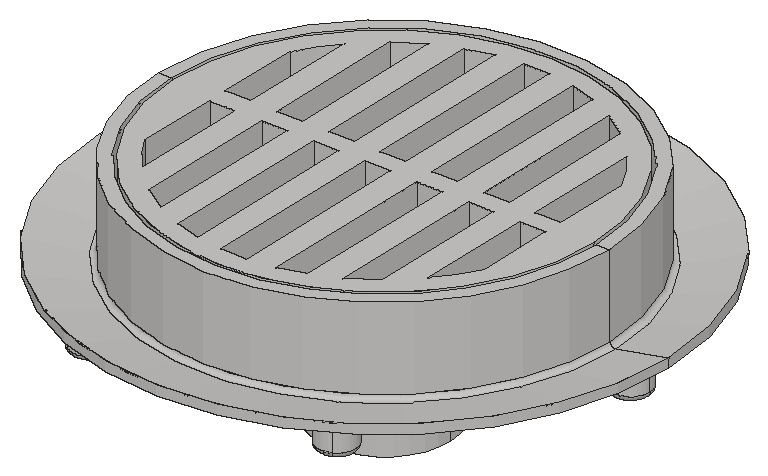
Revit family "Drain_Floor_12-Inch-Round_Zurn-Z1736_Extra-Heavy-Duty", category Plumbing Fixtures, Revit 2022
Family settings
  Round Connector Dimension = Use Radius
  Part Type = Normal
  OmniClass Number = 23.45.55.21
  OmniClass Title = Drains (Wastes)
  Work Plane-Based = No
  Always vertical = Yes
  Cut with Voids When Loaded = No
  Maintain Annotation Orientation = No
  Shared = No
  Room Calculation Point = No
Parameters (values of type "Load Family Type Catalog")
  Vent Connection = 1 = 0  # no
  HW Connection = 1 = 0  # no
  Grate Open Area (Sq. In.) = 34.000"
  CW Connection = 1 = 0  # no
  Waste Connection = 1 = 1  # yes
  WFU = 0  # constant formula
  URL = "www.zurn.com"
  Type Comments = "Z1736 - 3 Inch Butt-Weld Outlet"
  Product data url = "https://www.bimobject.com/en-us/zurnindustries/product/zurn-z1736"
  Product Page URL = "https://www.zurn.com/products/drainage-interceptors/floor-drains/area-drains/z1736"
  Product Documentation Link = "https://files.zurn.com/spec-sheets/z1736.pdf"
  Pipe Size 'A' (Outer Diameter) = 3.500"
  Pipe Size 'A' (Nominal Radius) = [Pipe Size 'A' (Nominal Diameter)] / 2  # 1.500"
  Pipe Size 'A' (Nominal Diameter) = 3.000"
  Pipe Size 'A' (Inner Radius) = [Pipe Size 'A' (Inner Diameter)] / 2  # 1.5345"
  Pipe Size 'A' (Outer Radius) = [Pipe Size 'A' (Outer Diameter)] / 2  # 1.750"
  Pipe Size 'A' (Inner Diameter) = 3.069"
  Modified Date = "11/14/25"  # constant formula
  Model = "Z1736"
  Manufacurer Brand = "Zurn"  # constant formula
  Manufacturer = "Zurn Water, LLC"  # constant formula
  Main Material = Steel - Zurn - Stainless - Type - 304
  HWFU = 0  # constant formula
  Description = "12 INCH DIAMETER EXTRA HEAVY-DUTY FLOOR DRAIN"  # constant formula
  Default Elevation = 20.000"
  Date Created = "04/30/18"  # constant formula
  CWFU = 0  # constant formula
  Body HT Dim 'E' = 6.000"
  Assembly Code = "D2030300"
  Approx. Weight (Lbs) = 61.000"
Reference planes (in)
  plane 1 "Center (Front/Back)": y = 0
  plane 2: z = 0
  plane 3 "Center (Left/Right)": x = 0
  plane 4 "Outlet": z = -6
  plane 5: x = 1.5
  plane 6: x = -1.5
  plane 7: y = 1.5
  plane 8: y = -1.5
  plane 9: x = 7.5
  plane 10: x = -7.5
  plane 11: x = -5.938
  plane 12: x = 5.938
  plane 13: z = -2
  plane 14: x = 6.5
Forms (in)
  Revolve 1, solid, material "Steel - Zurn - Stainless - Type - 304" <- "Main Material", detail levels fine
    sketch origin (0, 0, 0) x (1, 0, 0) y (0, 0, 1)
      loop
        line (5.938, 0) -> (5.60521, 0) -> (5.5353, -2.66994) -> (4.05352, -3.74652)
        arc (4.05352, -3.74652) -> (3.77475, -3.88856) -> (3.46573, -3.9375) r 1
        line (3.46573, -3.9375) -> (1.5345, -3.9375) -> (1.5345, -6) -> (1.75, -6) -> (1.75, -4.22054) -> (3.42026, -4.22054)
        arc (3.42026, -4.22054) -> (3.80653, -4.15936) -> (4.15499, -3.98181) r 1.25
        line (4.15499, -3.98181) -> (6.11955, -2.55447)
        arc (6.11955, -2.55447) -> (6.14218, -2.54141) -> (6.16704, -2.53333) r 0.125
        line (6.16704, -2.53333) -> (7.5, -2.25) -> (7.5, -2) -> (6.08932, -2.29985)
        arc (6.08932, -2.29985) -> (5.98444, -2.27467) -> (5.938, -2.17731) r 0.12528
        line (5.938, -2.17731) -> (5.938, 0)
      axis (0, -6) -> (0, 0)
    angle from 0 to 360
  Revolve 2, solid, material "Steel - Zurn - Stainless - Type - 304" <- "Main Material", detail levels fine
    sketch origin (0, 0, 0) x (1, 0, 0) y (0, 0, 1)
      loop
        line (6.5, -3.125) -> (6.875, -3.125)
        arc (6.875, -3.125) -> (6.96339, -3.08839) -> (7, -3) r 0.125
        line (7, -3) -> (7, -2.35) -> (6.5, -2.35) -> (6.5, -3.125)
      axis (6.5, -2.35) -> (6.5, -3.125)
    angle from 0 to 360
  Revolve 3, solid, material "Steel - Zurn - Stainless - Type - 304" <- "Main Material", detail levels fine
    sketch origin (0, 0, 0) x (0.5, -0.866025, 0) y (0, 0, 1)
      loop
        line (6.5, -3.125) -> (6.875, -3.125)
        arc (6.875, -3.125) -> (6.96339, -3.08839) -> (7, -3) r 0.125
        line (7, -3) -> (7, -2.35) -> (6.5, -2.35) -> (6.5, -3.125)
      axis (6.5, -2.35) -> (6.5, -3.125)
    angle from 0 to 360
  Revolve 4, solid, material "Steel - Zurn - Stainless - Type - 304" <- "Main Material", detail levels fine
    sketch origin (0, 0, 0) x (0.5, 0.866025, 0) y (0, 0, 1)
      loop
        line (6.5, -3.125) -> (6.875, -3.125)
        arc (6.875, -3.125) -> (6.96339, -3.08839) -> (7, -3) r 0.125
        line (7, -3) -> (7, -2.35) -> (6.5, -2.35) -> (6.5, -3.125)
      axis (6.5, -2.35) -> (6.5, -3.125)
    angle from 0 to 360
  Revolve 5, solid, material "Steel - Zurn - Stainless - Type - 304" <- "Main Material", detail levels fine
    sketch origin (0, 0, 0) x (-0.5, 0.866025, 0) y (0, 0, 1)
      loop
        line (6.5, -3.125) -> (6.875, -3.125)
        arc (6.875, -3.125) -> (6.96339, -3.08839) -> (7, -3) r 0.125
        line (7, -3) -> (7, -2.35) -> (6.5, -2.35) -> (6.5, -3.125)
      axis (6.5, -2.35) -> (6.5, -3.125)
    angle from 0 to 360
  Revolve 6, solid, material "Steel - Zurn - Stainless - Type - 304" <- "Main Material", detail levels fine
    sketch origin (0, 0, 0) x (-1, 0, 0) y (0, 0, 1)
      loop
        line (6.5, -3.125) -> (6.875, -3.125)
        arc (6.875, -3.125) -> (6.96339, -3.08839) -> (7, -3) r 0.125
        line (7, -3) -> (7, -2.35) -> (6.5, -2.35) -> (6.5, -3.125)
      axis (6.5, -2.35) -> (6.5, -3.125)
    angle from 0 to 360
  Revolve 7, solid, material "Steel - Zurn - Stainless - Type - 304" <- "Main Material", detail levels fine
    sketch origin (0, 0, 0) x (-0.5, -0.866025, 0) y (0, 0, 1)
      loop
        line (6.5, -3.125) -> (6.875, -3.125)
        arc (6.875, -3.125) -> (6.96339, -3.08839) -> (7, -3) r 0.125
        line (7, -3) -> (7, -2.35) -> (6.5, -2.35) -> (6.5, -3.125)
      axis (6.5, -2.35) -> (6.5, -3.125)
    angle from 0 to 360
Lines and regions (in)
  Masking region 1, detail levels fine
    outline origin (65.34541, 0, -6) x (1, 0, 0) y (0, 1, 0)
      loop
        circle (-65.34541, 0) r 5.938
  model lines, detail levels coarse+medium
    curve 1: circle (0, 0, 0) r 5.938 normal (0, 0, 1)
    curve 2: circle (0, 0, 0) r 5.5125 normal (0, 0, 1)
    curve 3: line (-4.05239, -3.73709, 0) -> (-4.05239, 3.73709, 0)
    curve 4: line (-2.6905, -4.81133, 0) -> (-2.6905, 4.81133, 0)
    curve 5: line (-1.32862, -5.34999, 0) -> (-1.32862, 5.34999, 0)
    curve 6: line (0.03326, -5.5124, 0) -> (0.03326, 5.5124, 0)
    curve 7: line (1.39515, -5.33303, 0) -> (1.39515, 5.33303, 0)
    curve 8: line (2.75703, -4.77352, 0) -> (2.75703, 4.77352, 0)
    curve 9: line (4.11891, -3.66363, 0) -> (4.11891, 3.66363, 0)
    curve 10: line (-1.5, 0, -6) -> (1.5, 0, -6)
    curve 11: line (0, 1.5, -6) -> (0, -1.5, -6)
  model lines
    curve 12: line (0, 0, 0) -> (0, 0, -6)
Dimensions and locks (in)
  "Body HT Dim 'E'": plane 4 "Outlet" to level
  "Pipe Size 'A' (Nominal Radius)": plane 6 to plane 3 "Center (Left/Right)" to plane 5
  "Pipe Size 'A' (Nominal Radius)": plane 8 to plane 1 "Center (Front/Back)" to plane 7
  equal spacing: plane 9, plane 3 "Center (Left/Right)", plane 10, locked at 7.5 each
  locked: plane 9 to plane 10 at 15
  locked: Revolve 1 sketch curve to plane 3 "Center (Left/Right)" at 5.60521
  locked: Revolve 1 sketch curve to Revolve 1 sketch curve at 0.25  (x2)
  locked: Revolve 1 sketch curve to level at 2
  locked: Revolve 1 sketch curve to level at 3.9375
  "Pipe Size 'A' (Inner Radius)": Revolve 1 sketch curve to plane 3 "Center (Left/Right)"
  "Pipe Size 'A' (Outer Radius)": Revolve 1 sketch curve to plane 3 "Center (Left/Right)"
  locked: Revolve 1 sketch curve to level at 2.66994
  locked: plane 14 to plane 3 "Center (Left/Right)" at 6.5
  locked: Revolve 2 sketch curve to Revolve 2 sketch curve at 0.5
  locked: Revolve 3 sketch curve to Revolve 3 sketch curve at 0.5
  locked: Revolve 4 sketch curve to Revolve 4 sketch curve at 0.5
  locked: Revolve 5 sketch curve to Revolve 5 sketch curve at 0.5
  locked: Revolve 6 sketch curve to Revolve 6 sketch curve at 0.5
  locked: Revolve 7 sketch curve to Revolve 7 sketch curve at 0.5
  equal spacing: curve 3, curve 4, curve 5, curve 6, curve 7, curve 8, curve 9, locked at 1.36188 each
  locked: curve 3 to plane 3 "Center (Left/Right)" at 4.05239
  radius of Revolve 1 sketch curve = 1.000"
  radius of Revolve 1 sketch curve = 1.250"
  locked: plane 12 to Revolve 1 sketch curve (angle 1.50°)
  locked: Revolve 1 sketch curve to level (angle 12.00°)  (x2)
  locked: plane 3 "Center (Left/Right)" to Revolve 1 sketch curve (angle 54.00°)
  aligned and locked: plane 2 to level
  aligned and locked: plane 12 to Revolve 1 sketch curve
  aligned and locked: Revolve 1 sketch curve to plane 2
  aligned and locked: plane 9 to Revolve 1 sketch curve
  aligned and locked: Revolve 1 sketch curve to plane 4 "Outlet"
  aligned and locked: Revolve 1 sketch curve to plane 3 "Center (Left/Right)"
  aligned and locked: plane 3 "Center (Left/Right)" to nested 1
  aligned and locked: plane 1 "Center (Front/Back)" to nested 1
  aligned and locked: level to nested 1
  aligned and locked: curve 1 to Revolve 1
  aligned and locked: curve 2 to nested 1
  aligned and locked: plane 6 to curve 10
  aligned and locked: plane 5 to curve 10
  aligned and locked: plane 1 "Center (Front/Back)" to curve 10
  aligned and locked: plane 7 to curve 11
  aligned and locked: plane 8 to curve 11
  aligned and locked: curve 11 to plane 3 "Center (Left/Right)"
  aligned and locked: level to curve 12
  aligned and locked: plane 4 "Outlet" to curve 12
  aligned and locked: plane 3 "Center (Left/Right)" to curve 12
  aligned and locked: Masking region 1 sketch curve to Revolve 1
Automatic sketch dimensions
  Revolve 1 sketch curve to Revolve 1 sketch curve = 0.04547"
  Revolve 1 sketch curve to Revolve 1 sketch curve = 0.10148"
  plane 12 to Revolve 1 sketch curve = 0.12528"
  Revolve 1 sketch curve to Revolve 1 sketch curve = 0.04748"
  Revolve 1 sketch curve to Revolve 1 sketch curve = 0.07347"
  Revolve 1 sketch curve to Revolve 1 sketch curve = 0.10113"
  Revolve 1 sketch curve to plane 4 "Outlet" = 18.000"
  level to Revolve 1 sketch curve = 102.71882"
  Revolve 2 sketch curve to Revolve 2 sketch curve = 0.54819"
  Revolve 2 sketch curve to Revolve 2 sketch curve = 0.375"
  Revolve 2 sketch curve to Revolve 2 sketch curve = 0.500"
  Revolve 2 sketch curve to Revolve 2 sketch curve = 0.745"
  Revolve 3 sketch curve to Revolve 3 sketch curve = 0.54819"
  Revolve 3 sketch curve to Revolve 3 sketch curve = 0.375"
  Revolve 3 sketch curve to Revolve 3 sketch curve = 0.500"
  Revolve 3 sketch curve to Revolve 3 sketch curve = 0.745"
  Revolve 4 sketch curve to Revolve 4 sketch curve = 0.54819"
  Revolve 4 sketch curve to Revolve 4 sketch curve = 0.375"
  Revolve 4 sketch curve to Revolve 4 sketch curve = 0.500"
  Revolve 4 sketch curve to Revolve 4 sketch curve = 0.745"
  Revolve 5 sketch curve to Revolve 5 sketch curve = 0.54819"
  Revolve 5 sketch curve to Revolve 5 sketch curve = 0.375"
  Revolve 5 sketch curve to Revolve 5 sketch curve = 0.500"
  Revolve 5 sketch curve to Revolve 5 sketch curve = 0.745"
  Revolve 6 sketch curve to Revolve 6 sketch curve = 0.54819"
  Revolve 6 sketch curve to Revolve 6 sketch curve = 0.375"
  Revolve 6 sketch curve to Revolve 6 sketch curve = 0.500"
  Revolve 6 sketch curve to Revolve 6 sketch curve = 0.745"
  Revolve 7 sketch curve to Revolve 7 sketch curve = 0.54819"
  Revolve 7 sketch curve to Revolve 7 sketch curve = 0.375"
  Revolve 7 sketch curve to Revolve 7 sketch curve = 0.500"
  Revolve 7 sketch curve to Revolve 7 sketch curve = 0.745"
  curve 7 to curve 5 = 0.01696"
Nested families (in)
  nested 1: "Grate" at (0, 0, 0), Main Material <- "Main Material", type "Grate", detail levels fine
    with Main Material Steel - Zurn - Stainless - Type - 304
Connectors (in)
  piping at (0, 0, -6), diameter 3, driven by "Pipe Size 'A' (Nominal Radius)", driven by "Waste Connection", driven by "Waste Connection"
    settings: on Revolve 1, index 1, connector inside diameter 24", connector length 0.000", flow factor 0, pipe flow 0 GPM, pressure drop 0.00 psi, fitting loss kfactor 0, connector angle 0.00°, fixture units 0, engagement length 0.000", angle of deflection 0.00°, flow configuration 0, flow direction 2, fitting loss method 0, system type 16, joint type 0, gender type 0, connector reference index -1, connector utility 1, adjustable connector yes, is connector primary yes, connector description "Sanitary Outlet"
Definition of nested family "Grate"
  Parameters (values of type "Grate")
    WFU = 1  # constant formula
    URL = "www.zurn.com"
    Product data url = "https://www.bimobject.com/en-us/zurnindustries/product/zurn-z1735"
    Product Page URL = "https://www.zurn.com/products/drainage-interceptors/floor-drains/area-drains/z1735"
    Product Installation Sheet URL = ""
    Product Documentation Link = "https://files.zurn.com/spec-sheets/z1735.pdf"
    Model = "Z1735"  # constant formula
    Main Material [instance] = none
    HWFU = 0  # constant formula
    Grate Open Area(Sq.In) = 33.00 SF
    Description = "12 [305] DIAMETER FLOOR DRAIN"  # constant formula
    CWFU = 0  # constant formula
    Assembly Code = "D2030300"
    Modified Date = "11/03/2025"  # constant formula
    Manufacurer Brand = "Zurn"  # constant formula
    Manufacturer = "Zurn Water, LLC"  # constant formula
    Default Elevation = 0.000"
    Date Created = ""
    Approx. Weight (Lbs) = 50.000"
  Reference planes (in)
    plane 1 "Center (Front/Back)": y = 0
    plane 2: z = 0
    plane 3 "Center (Left/Right)": x = 0
    plane 4: x = -7.5
    plane 5: x = 7.5
    plane 6: x = -5.9375
    plane 7: x = 5.9375
    plane 8: x = 3.0325
    plane 9: x = -3.0325
    plane 10: z = -6
    plane 11: z = -2
    plane 12: z = -4.188
    plane 13: x = 3.3125
    plane 14: x = -3.3125
    plane 15: y = 3.3125
    plane 16: y = -3.3125
    plane 17: x = -5.0738
    plane 18: x = 5.14032
    plane 19: y = 5.9375
    plane 20: y = -5.9375
  Forms (in)
    Extrusion 1, solid, material <- "Main Material"
      sketch origin (-0.0611, 0, -0.125) x (1, 0, 0) y (0, 1, 0)
        loop
          circle (0.0611, 0) r 5.5125
      from 0.125 to -0.5
    Extrusion 2, void
      sketch origin (-0.28307, 0, 0) x (1, 0, 0) y (0, 1, 0)
        loop
          line (-0.02414, 0.25) -> (0.6568, 0.25) -> (0.6568, 4.98601)
          arc (0.6568, 4.98601) -> (0.31641, 4.99989) -> (-0.02414, 4.99055) r 5
          line (-0.02414, 4.99055) -> (-0.02414, 0.25)
        loop
          line (-1.38602, 0.25) -> (-0.70508, 0.25) -> (-0.70508, 4.90138)
          arc (-0.70508, 4.90138) -> (-1.04888, 4.81933) -> (-1.38602, 4.71319) r 5
          line (-1.38602, 4.71319) -> (-1.38602, 0.25)
        loop
          line (-2.7479, 0.25) -> (-2.06696, 0.25) -> (-2.06696, 4.41331)
          arc (-2.06696, 4.41331) -> (-2.41628, 4.20874) -> (-2.7479, 3.97658) r 5
          line (-2.7479, 3.97658) -> (-2.7479, 0.25)
        loop
          line (-4.10979, 0.25) -> (-3.42885, 0.25) -> (-3.42885, 3.34988)
          arc (-3.42885, 3.34988) -> (-3.79775, 2.8891) -> (-4.10979, 2.38805) r 5
          line (-4.10979, 2.38805) -> (-4.10979, 0.25)
        loop
          line (2.01869, 0.25) -> (2.01869, 4.6891)
          arc (2.01869, 4.6891) -> (1.68174, 4.80039) -> (1.33775, 4.8875) r 5
          line (1.33775, 4.8875) -> (1.33775, 0.25) -> (2.01869, 0.25)
        loop
          line (3.38057, 0.25) -> (3.38057, 3.92498)
          arc (3.38057, 3.92498) -> (3.04936, 4.16505) -> (2.69963, 4.37724) r 5
          line (2.69963, 4.37724) -> (2.69963, 0.25) -> (3.38057, 0.25)
        loop
          line (4.74245, 0.25) -> (4.74245, 2.26139)
          arc (4.74245, 2.26139) -> (4.43302, 2.78889) -> (4.06151, 3.27466) r 5
          line (4.06151, 3.27466) -> (4.06151, 0.25) -> (4.74245, 0.25)
        loop
          line (-0.02414, -0.25) -> (-0.02414, -4.99055)
          arc (-0.02414, -4.99055) -> (0.31641, -4.99989) -> (0.6568, -4.98601) r 5
          line (0.6568, -4.98601) -> (0.6568, -0.25) -> (-0.02414, -0.25)
        loop
          line (-1.38602, -0.25) -> (-1.38602, -4.71319)
          arc (-1.38602, -4.71319) -> (-1.04888, -4.81933) -> (-0.70508, -4.90138) r 5
          line (-0.70508, -4.90138) -> (-0.70508, -0.25) -> (-1.38602, -0.25)
        loop
          line (-2.7479, -0.25) -> (-2.7479, -3.97658)
          arc (-2.7479, -3.97658) -> (-2.41628, -4.20874) -> (-2.06696, -4.41331) r 5
          line (-2.06696, -4.41331) -> (-2.06696, -0.25) -> (-2.7479, -0.25)
        loop
          line (-4.10979, -0.25) -> (-4.10979, -2.38805)
          arc (-4.10979, -2.38805) -> (-3.79775, -2.8891) -> (-3.42885, -3.34988) r 5
          line (-3.42885, -3.34988) -> (-3.42885, -0.25) -> (-4.10979, -0.25)
        loop
          line (2.01869, -0.25) -> (1.33775, -0.25) -> (1.33775, -4.8875)
          arc (1.33775, -4.8875) -> (1.68174, -4.80039) -> (2.01869, -4.6891) r 5
          line (2.01869, -4.6891) -> (2.01869, -0.25)
        loop
          line (3.38057, -0.25) -> (2.69963, -0.25) -> (2.69963, -4.37724)
          arc (2.69963, -4.37724) -> (3.04936, -4.16505) -> (3.38057, -3.92498) r 5
          line (3.38057, -3.92498) -> (3.38057, -0.25)
        loop
          line (4.74245, -0.25) -> (4.06151, -0.25) -> (4.06151, -3.27466)
          arc (4.06151, -3.27466) -> (4.43302, -2.78889) -> (4.74245, -2.26139) r 5
          line (4.74245, -2.26139) -> (4.74245, -0.25)
      from -0.625 to 0
  Cuts and joins
    Extrusion 2 cuts Extrusion 1
  Dimensions and locks (in)
    equal spacing: plane 5, plane 3 "Center (Left/Right)", plane 4, locked at 7.5 each
    locked: plane 5 to plane 4 at 15
    equal spacing: plane 7, plane 3 "Center (Left/Right)", plane 6, locked at 5.9375 each
    locked: plane 7 to plane 6 at 11.875
    equal spacing: plane 8, plane 3 "Center (Left/Right)", plane 9
    locked: plane 8 to plane 9 at 6.065
    locked: level to plane 10 at 6
    locked: level to plane 11 at 2
    locked: level to plane 12 at 4.188
    equal spacing: plane 14, plane 3 "Center (Left/Right)", plane 13
    locked: plane 14 to plane 13 at 6.625
    locked: level to Extrusion 1 at 0.625
    locked: plane 1 "Center (Front/Back)" to Extrusion 2 sketch curve at 0.25  (x2)
    equal spacing: plane 15, plane 1 "Center (Front/Back)", plane 16
    locked: plane 15 to plane 16 at 6.625
    plane 17 to plane 3 "Center (Left/Right)" to plane 18 = 5.0738" locked, 5.14032" locked
    plane 17 to cut or joined group of Extrusion 1, Extrusion 2 to cut or joined group of Extrusion 1, Extrusion 2 to cut or joined group of Extrusion 1, Extrusion 2 to cut or joined group of Extrusion 1, Extrusion 2 to cut or joined group of Extrusion 1, Extrusion 2 to cut or joined group of Extrusion 1, Extrusion 2 to cut or joined group of Extrusion 1, Extrusion 2 to cut or joined group of Extrusion 1, Extrusion 2 to cut or joined group of Extrusion 1, Extrusion 2 to cut or joined group of Extrusion 1, Extrusion 2 to cut or joined group of Extrusion 1, Extrusion 2 to cut or joined group of Extrusion 1, Extrusion 2 to cut or joined group of Extrusion 1, Extrusion 2 to cut or joined group of Extrusion 1, Extrusion 2 to plane 18 = 0.68094" locked, 0.68094" locked, 0.68094" locked, 0.68094", 0.68094" locked, 0.68094" locked, 0.68094", 0.68094" locked, 0.68094" locked, 0.68094" locked, 0.68094" locked, 0.68094" locked, 0.68094" locked, 0.68094" locked, 0.68094" locked
    plane 6 to plane 7 = 11.875"
    equal spacing: plane 17, cut or joined group of Extrusion 1, Extrusion 2, cut or joined group of Extrusion 1, Extrusion 2, cut or joined group of Extrusion 1, Extrusion 2, cut or joined group of Extrusion 1, Extrusion 2, cut or joined group of Extrusion 1, Extrusion 2, cut or joined group of Extrusion 1, Extrusion 2, cut or joined group of Extrusion 1, Extrusion 2, cut or joined group of Extrusion 1, Extrusion 2, cut or joined group of Extrusion 1, Extrusion 2, cut or joined group of Extrusion 1, Extrusion 2, cut or joined group of Extrusion 1, Extrusion 2, cut or joined group of Extrusion 1, Extrusion 2, cut or joined group of Extrusion 1, Extrusion 2, cut or joined group of Extrusion 1, Extrusion 2, plane 18
    plane 19 to plane 1 "Center (Front/Back)" to plane 20 = 5.9375" locked, 5.9375" locked
    plane 19 to plane 20 = 11.875"
    diameter of Extrusion 1 sketch curve = 11.025"
    radius of Extrusion 2 sketch curve = 5.000"  (x14)
    aligned and locked: plane 2 to level
    aligned and locked: plane 1 "Center (Front/Back)" to Extrusion 1 sketch curve
    aligned and locked: level to Extrusion 1
    aligned and locked: plane 3 "Center (Left/Right)" to Extrusion 1 sketch curve
    aligned and locked: plane 3 "Center (Left/Right)" to Extrusion 2 sketch curve  (x3)
    aligned and locked: Extrusion 2 sketch curve to Extrusion 2 sketch curve  (x11)
    aligned and locked: Extrusion 1 to Extrusion 2
    aligned and locked: level to Extrusion 2
    aligned and locked: plane 1 "Center (Front/Back)" to Extrusion 2 sketch curve  (x12)
  Automatic sketch dimensions
    Extrusion 2 sketch curve to plane 3 "Center (Left/Right)" = 0.30721"
    Extrusion 2 sketch curve to Extrusion 2 sketch curve = 0.68094"  (x6)
    Extrusion 2 sketch curve to Extrusion 2 sketch curve = 0.000"  (x22)
    plane 9 to Extrusion 2 sketch curve = 0.00153"  (x2)
    plane 16 to Extrusion 2 sketch curve = 0.03738"
    plane 3 "Center (Left/Right)" to Extrusion 2 sketch curve = 0.37373"  (x2)
    Extrusion 2 sketch curve to plane 1 "Center (Front/Back)" = 0.250"
    plane 8 to Extrusion 2 sketch curve = 0.065"  (x2)
    plane 9 to Extrusion 2 sketch curve = 0.68247"
    Extrusion 2 sketch curve to plane 8 = 0.61594"
    plane 15 to Extrusion 2 sketch curve = 0.03784"
    Extrusion 2 sketch curve to plane 18 = 0.68094"
    Extrusion 2 sketch curve to Extrusion 2 sketch curve = 0.09851"
Types in the file's own list only (12): name | Grate Open Area (Sq. In.) | Type Comments | Pipe Size 'A' (Outer Diameter) | Pipe Size 'A' (Nominal Radius) | Pipe Size 'A' (Nominal Diameter) | Pipe Size 'A' (Inner Radius) | Pipe Size 'A' (Outer Radius) | Pipe Size 'A' (Inner Diameter) | Model | Main Material | Default Elevation | Body HT Dim 'E' | Approx. Weight (Lbs)
  Z1736-3BW | 34.000 " | "Z1736 - 3 Inch Butt-Weld Outlet" | 3.500 " | 1.500 " | 3.000 " | 1.535 " | 1.750 " | 3.069 " | "Z1736" | Steel - Zurn - Stainless - Type - 304 | 20.000 " | 6.000 " | 61.000 "
  Z1736-3IP | 34.000 " | "Z1736 - 3 Inch IP Threaded Outlet" | 3.500 " | 1.500 " | 3.000 " | 1.535 " | 1.750 " | 3.069 " | "Z1736" | Steel - Zurn - Stainless - Type - 304 | 20.000 " | 6.082 " | 61.000 "
  Z1736-4BW | 34.000 " | "Z1736 - 4 Inch Butt-Weld Outlet" | 4.500 " | 2.000 " | 4.000 " | 2.013 " | 2.250 " | 4.026 " | "Z1736" | Steel - Zurn - Stainless - Type - 304 | 20.000 " | 6.000 " | 61.000 "
  Z1736-4IP | 34.000 " | "Z1736 - 4 Inch IP Threaded Outlet" | 4.500 " | 2.000 " | 4.000 " | 2.013 " | 2.250 " | 4.026 " | "Z1736" | Steel - Zurn - Stainless - Type - 304 | 20.000 " | 6.082 " | 61.000 "
  Z1736-6BW | 34.000 " | "Z1736 - 6 Inch Butt-Weld Outlet" | 6.625 " | 3.000 " | 6.000 " | 3.033 " | 3.313 " | 6.065 " | "Z1736" | Steel - Zurn - Stainless - Type - 304 | 20.000 " | 6.000 " | 61.000 "
  Z1736-6IP | 34.000 " | "Z1736 - 6 Inch IP Threaded Outlet" | 6.625 " | 3.000 " | 6.000 " | 3.033 " | 3.313 " | 6.065 " | "Z1736" | Steel - Zurn - Stainless - Type - 304 | 20.000 " | 6.082 " | 61.000 "
  ZM1736-3BW | 34.000 " | "ZM1736 - 3 Inch Butt-Weld Outlet" | 3.500 " | 1.500 " | 3.000 " | 1.535 " | 1.750 " | 3.069 " | "ZM1736" | Steel - Zurn- Stainless - Type - 316 | 20.000 " | 6.000 " | 61.000 "
  ZM1736-3IP | 34.000 " | "ZM1736 - 3 Inch IP Threaded Outlet" | 3.500 " | 1.500 " | 3.000 " | 1.535 " | 1.750 " | 3.069 " | "ZM1736" | Steel - Zurn- Stainless - Type - 316 | 20.000 " | 6.082 " | 61.000 "
  ZM1736-4BW | 34.000 " | "ZM1736 - 4 Inch Butt-Weld Outlet" | 4.500 " | 2.000 " | 4.000 " | 2.013 " | 2.250 " | 4.026 " | "ZM1736" | Steel - Zurn- Stainless - Type - 316 | 20.000 " | 6.000 " | 61.000 "
  ZM1736-4IP | 34.000 " | "ZM1736 - 4 Inch IP Threaded Outlet" | 4.500 " | 2.000 " | 4.000 " | 2.013 " | 2.250 " | 4.026 " | "ZM1736" | Steel - Zurn- Stainless - Type - 316 | 20.000 " | 6.082 " | 61.000 "
  ZM1736-6BW | 34.000 " | "ZM1736 - 6 Inch Butt-Weld Outlet" | 6.625 " | 3.000 " | 6.000 " | 3.033 " | 3.313 " | 6.065 " | "ZM1736" | Steel - Zurn- Stainless - Type - 316 | 20.000 " | 6.000 " | 61.000 "
  ZM1736-6IP | 34.000 " | "ZM1736 - 6 Inch IP Threaded Outlet" | 6.625 " | 3.000 " | 6.000 " | 3.033 " | 3.313 " | 6.065 " | "ZM1736" | Steel - Zurn- Stainless - Type - 316 | 20.000 " | 6.082 " | 61.000 "
